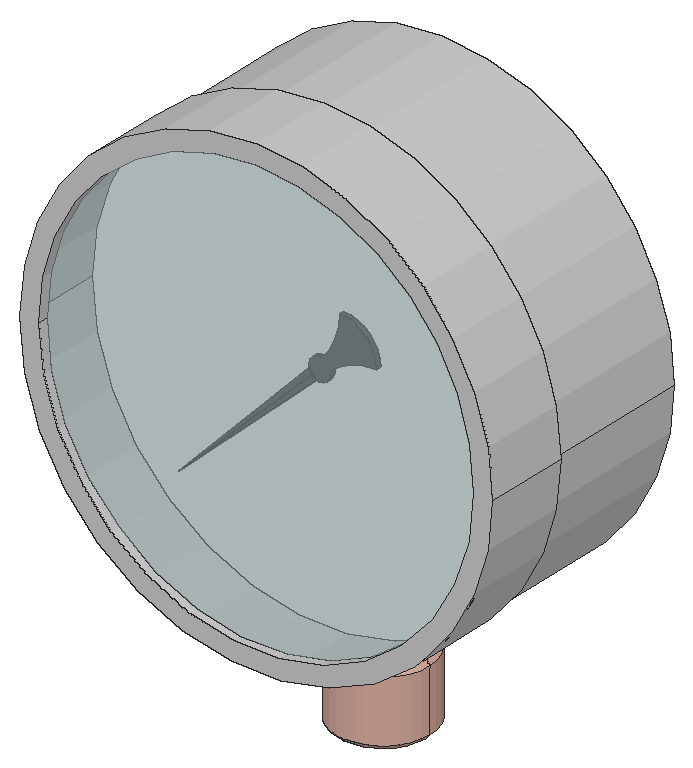
Revit family "РОСМА_МанометрСтандартногоИсполнения_М2", category Арматура трубопроводов, Revit 2018 (continued)
Definition of nested family "Корпус манометра_ТМ510-М2"
  Automatic sketch dimensions
    curve 206 to curve 206 = 1.831 mm
    curve 207 to curve 207 = 1.759 mm
    curve 207 to curve 207 = 1.831 mm
    curve 208 to curve 208 = 1.759 mm
    curve 208 to curve 208 = 1.831 mm
    curve 209 to curve 209 = 1.759 mm
    curve 209 to curve 209 = 1.831 mm
    curve 210 to curve 210 = 1.759 mm
    curve 210 to curve 210 = 1.831 mm
    curve 211 to curve 211 = 1.759 mm
    curve 211 to curve 211 = 1.831 mm
    curve 212 to curve 212 = 1.759 mm
    curve 212 to curve 212 = 1.831 mm
    curve 213 to curve 213 = 1.759 mm
    curve 213 to curve 213 = 1.831 mm
    curve 214 to curve 214 = 1.759 mm
    curve 214 to curve 214 = 1.831 mm
    curve 215 to curve 215 = 1.759 mm
    curve 215 to curve 215 = 1.831 mm
    curve 216 to curve 216 = 1.759 mm
    curve 216 to curve 216 = 1.831 mm
    curve 217 to curve 217 = 1.759 mm
    curve 217 to curve 217 = 1.831 mm
    curve 218 to curve 218 = 1.759 mm
    curve 218 to curve 218 = 1.831 mm
    curve 219 to curve 219 = 1.759 mm
    curve 219 to curve 219 = 1.831 mm
    curve 220 to curve 220 = 1.759 mm
    curve 220 to curve 220 = 1.831 mm
    curve 221 to curve 221 = 1.759 mm
    curve 221 to curve 221 = 1.831 mm
    curve 222 to curve 222 = 1.759 mm
    curve 222 to curve 222 = 1.831 mm
    curve 223 to curve 223 = 1.759 mm
    curve 223 to curve 223 = 1.831 mm
    curve 224 to curve 224 = 1.759 mm
    curve 224 to curve 224 = 1.831 mm
    curve 225 to curve 225 = 1.759 mm
    curve 225 to curve 225 = 1.831 mm
    curve 226 to curve 226 = 1.759 mm
    curve 226 to curve 226 = 1.831 mm
    curve 227 to curve 227 = 1.759 mm
    curve 227 to curve 227 = 1.831 mm
    curve 228 to curve 228 = 1.759 mm
    curve 228 to curve 228 = 1.831 mm
    curve 229 to curve 229 = 1.759 mm
    curve 229 to curve 229 = 1.831 mm
    curve 230 to curve 230 = 1.759 mm
    curve 230 to curve 230 = 1.831 mm
    curve 231 to curve 231 = 1.759 mm
    curve 231 to curve 231 = 1.831 mm
    curve 232 to curve 232 = 1.759 mm
    curve 232 to curve 232 = 1.831 mm
    curve 233 to curve 233 = 1.759 mm
    curve 233 to curve 233 = 1.831 mm
    curve 234 to curve 234 = 1.759 mm
    curve 234 to curve 234 = 1.831 mm
    curve 235 to curve 235 = 1.759 mm
    curve 235 to curve 235 = 1.831 mm
    curve 236 to curve 236 = 1.759 mm
    curve 236 to curve 236 = 1.831 mm
    curve 237 to curve 237 = 1.759 mm
    curve 237 to curve 237 = 1.831 mm
    curve 238 to curve 238 = 1.759 mm
    curve 238 to curve 238 = 1.831 mm
    curve 239 to curve 239 = 1.759 mm
    curve 239 to curve 239 = 1.831 mm
    curve 240 to curve 240 = 1.759 mm
    curve 240 to curve 240 = 1.831 mm
    curve 241 to curve 241 = 1.759 mm
    curve 241 to curve 241 = 1.831 mm
    curve 242 to curve 242 = 1.759 mm
    curve 242 to curve 242 = 1.831 mm
    curve 243 to curve 243 = 1.759 mm
    curve 243 to curve 243 = 1.831 mm
    curve 244 to curve 244 = 1.759 mm
    curve 244 to curve 244 = 1.831 mm
    curve 245 to curve 245 = 1.759 mm
    curve 245 to curve 245 = 1.831 mm
    curve 246 to curve 246 = 1.759 mm
    curve 246 to curve 246 = 1.831 mm
    curve 247 to curve 247 = 1.759 mm
    curve 247 to curve 247 = 1.831 mm
    curve 248 to curve 248 = 1.759 mm
    curve 248 to curve 248 = 1.831 mm
    curve 249 to curve 249 = 1.759 mm
    curve 249 to curve 249 = 1.831 mm
    curve 250 to curve 250 = 1.759 mm
    curve 250 to curve 250 = 1.831 mm
    curve 251 to curve 251 = 1.759 mm
    curve 251 to curve 251 = 1.831 mm
    curve 252 to curve 252 = 1.759 mm
    curve 252 to curve 252 = 1.831 mm
    curve 253 to curve 253 = 1.759 mm
    curve 253 to curve 253 = 1.831 mm
    curve 254 to curve 254 = 1.759 mm
    curve 254 to curve 254 = 1.831 mm
    curve 255 to curve 255 = 1.759 mm
    curve 255 to curve 255 = 1.831 mm
    curve 256 to curve 256 = 1.759 mm
    curve 256 to curve 256 = 1.831 mm
    curve 257 to curve 257 = 1.759 mm
    curve 257 to curve 257 = 1.831 mm
    curve 258 to curve 258 = 1.759 mm
    curve 258 to curve 258 = 1.831 mm
    curve 259 to curve 259 = 1.759 mm
    curve 259 to curve 259 = 1.831 mm
    curve 260 to curve 260 = 1.759 mm
    curve 260 to curve 260 = 1.831 mm
    curve 271 to curve 271 = 1.759 mm
    curve 271 to curve 271 = 1.831 mm
    Extrusion 5 sketch curve to level = 0 mm
    Extrusion 5 sketch curve to plane 3 "По центру (Влево/Вправо)" = 0 mm
    plane 3 "По центру (Влево/Вправо)" to Extrusion 5 sketch curve = 4.123 mm  (x2)
    plane 10 "sr" to Extrusion 5 sketch curve = 0.432 mm
    plane 11 "sl" to Extrusion 5 sketch curve = 1.202 mm
    Extrusion 5 sketch curve to level = 8.836 mm
    level to Extrusion 5 sketch curve = 4.15 mm
    level to Extrusion 5 sketch curve = 11.827 mm
    plane 3 "По центру (Влево/Вправо)" to Extrusion 5 sketch curve = 0.392 mm
    level to Extrusion 5 sketch curve = 0.444 mm
    plane 3 "По центру (Влево/Вправо)" to Extrusion 5 sketch curve = 2.33 mm
    Extrusion 6 sketch curve to plane 15 = 0 mm  (x2)
    Extrusion 6 sketch curve to plane 17 = 0 mm
    Extrusion 6 sketch curve to plane 18 = 0 mm
    Extrusion 6 sketch curve to level = 0.614 mm
    Extrusion 7 sketch curve to plane 15 = 0 mm  (x2)
    Extrusion 7 sketch curve to plane 17 = 0 mm
    plane 3 "По центру (Влево/Вправо)" to Extrusion 7 sketch curve = 0.614 mm
    curve 272 to level = 0 mm
    curve 273 to plane 11 "sl" = 16.519 mm
    curve 273 to curve 272 = 62.657 mm
    plane 10 "sr" to curve 272 = 107.621 mm
    curve 284 to curve 285 = 0 mm  (x2)
    curve 274 to curve 281 = 0.923 mm
    curve 281 to curve 277 = 0.156 mm
    curve 281 to curve 279 = 0.712 mm
    curve 280 to curve 280 = 0.862 mm
    curve 280 to curve 278 = 0.122 mm
    curve 283 to curve 277 = 0.344 mm
    curve 279 to curve 285 = 3.778 mm
    curve 278 to curve 320 = 8.548 mm
    curve 315 to curve 317 = 0.038 mm
    curve 320 to curve 319 = 0.038 mm
    curve 317 to curve 327 = 0.209 mm
    curve 327 to curve 315 = 0.253 mm
    curve 284 to curve 287 = 5.053 mm
    curve 287 to curve 286 = 0.042 mm
    curve 315 to curve 314 = 0.052 mm
    curve 314 to curve 326 = 0.492 mm
    curve 286 to curve 289 = 1.015 mm
    curve 286 to curve 288 = 1.024 mm
    curve 314 to curve 316 = 1.493 mm
    curve 286 to curve 288 = 0.63 mm
    curve 286 to curve 289 = 0.639 mm
    curve 315 to curve 319 = 2.912 mm
    curve 288 to curve 291 = 0.797 mm
    curve 318 to curve 324 = 0.733 mm
    curve 318 to curve 323 = 0.784 mm
    curve 314 to curve 316 = 1.731 mm
    curve 324 to curve 322 = 0.354 mm
    curve 290 to curve 301 = 1.048 mm
    curve 322 to curve 321 = 0.056 mm
    curve 290 to curve 292 = 1.122 mm
    curve 321 to curve 326 = 0.29 mm
    curve 324 to curve 325 = 0.756 mm
    curve 301 to curve 299 = 0.925 mm
    curve 326 to curve 330 = 0.632 mm
    curve 322 to curve 323 = 0.588 mm
    curve 300 to curve 293 = 1.349 mm
    curve 299 to curve 298 = 0.888 mm
    curve 315 to curve 328 = 2.179 mm
    curve 291 to curve 294 = 2.608 mm
    curve 292 to curve 298 = 1.405 mm
    curve 328 to curve 330 = 1.247 mm
    curve 293 to curve 295 = 1.043 mm
    curve 295 to curve 310 = 0.488 mm
    curve 303 to curve 310 = 0.987 mm
    curve 294 to curve 304 = 1.69 mm
    curve 309 to curve 309 = 0.351 mm
    curve 308 to curve 311 = 0.099 mm
    curve 303 to curve 313 = 0.754 mm
    curve 311 to curve 312 = 0.964 mm
    curve 311 to curve 307 = 0.132 mm
    curve 312 to curve 304 = 0.697 mm
    curve 307 to curve 307 = 0.351 mm
    curve 306 to curve 306 = 0.972 mm
    curve 290 to curve 303 = 0 mm
    curve 295 to curve 303 = 0 mm
    curve 307 to curve 309 = 0 mm
    curve 290 to curve 275 = 0.016 mm
    curve 296 to curve 298 = 0.566 mm
    curve 290 to curve 289 = 0.725 mm
    curve 309 to curve 309 = 1.144 mm
    curve 275 to curve 276 = 1.29 mm
    curve 287 to curve 289 = 0.582 mm
    curve 299 to curve 293 = 1.388 mm
    curve 292 to curve 298 = 0.116 mm
    curve 292 to curve 301 = 0.151 mm
    curve 276 to curve 282 = 0.863 mm
    curve 279 to curve 285 = 0.863 mm
    curve 307 to curve 312 = 1.029 mm
    curve 289 to curve 286 = 0.923 mm
    curve 286 to curve 287 = 0.019 mm
    curve 282 to curve 279 = 0.7 mm
    curve 279 to curve 283 = 0.079 mm
    curve 311 to curve 312 = 1.448 mm
    curve 312 to curve 304 = 0.867 mm
    curve 303 to curve 295 = 0.081 mm
    curve 288 to curve 292 = 0.797 mm
    curve 293 to curve 328 = 2.724 mm
    curve 328 to curve 316 = 0.888 mm
    curve 328 to curve 329 = 2.075 mm
    curve 316 to curve 316 = 1.57 mm
    curve 329 to curve 330 = 2.225 mm
    curve 314 to curve 315 = 3.112 mm
    curve 315 to curve 314 = 0.021 mm
    curve 315 to curve 328 = 0.138 mm
    curve 322 to curve 322 = 1.253 mm
    curve 322 to curve 321 = 0.011 mm
    curve 318 to curve 314 = 1.222 mm
    curve 325 to curve 324 = 0.014 mm
    curve 322 to curve 324 = 1.182 mm
    curve 318 to curve 323 = 1.127 mm
    curve 320 to curve 319 = 1.363 mm
    radius of curve 11 = 2.25 mm
    radius of curve 12 = 1.301 mm
    radius of curve 68 = 2.25 mm
    radius of curve 69 = 1.301 mm
    radius of curve 125 = 2.25 mm
    radius of curve 126 = 1.301 mm
    radius of curve 284 = 2.25 mm
    radius of curve 285 = 1.301 mm
Definition of nested family "DAA_УГО_МанометрПоказывающий_ГОСТ21.208-2013"
  Parameters (values of type "DAA_УГО_МанометрПоказывающий_ГОСТ21.208-2013")
    Центр2 = 0.5 * Масштаб_УГО  # 25 mm
    Центр = 0.9 * Масштаб_УГО  # 45 mm
    Масштаб_УГО = 50 mm
    Высота_выноски_на_виде_мм = 2
    rr = 0.8 * Масштаб_УГО  # 40 mm
    r = 2.5 * Масштаб_УГО  # 125 mm
    lr2 = 1.4 * Масштаб_УГО  # 70 mm
    lr1 = 0.8 * Масштаб_УГО  # 40 mm
    ll2 = 1.4 * Масштаб_УГО  # 70 mm
    ll1 = 0.8 * Масштаб_УГО  # 40 mm
    h5 = 3.8 * Масштаб_УГО  # 190 mm
    h4 = 4.2 * Масштаб_УГО  # 210 mm
    h3 = 3.4 * Масштаб_УГО  # 170 mm
    h2 = 2.6 * Масштаб_УГО  # 130 mm
    h1 = Высота_выноски_на_виде_мм * Масштаб_УГО  # 100 mm
  Reference planes
    plane 1 "По центру (Вперед/Назад)": y = 0
    plane 2: z = 0
    plane 3 "По центру (Влево/Вправо)": x = 0
    plane 4: z = 100
    plane 5: z = 225
    plane 6: x = -25
    plane 7: x = 45
    plane 8: z = 230
    plane 9: z = 270
    plane 10: z = 310
    plane 11: x = -70
    plane 12: x = -40
    plane 13: z = 290
    plane 14: x = 40
    plane 15: x = 70
  Lines and regions (mm)
    reference lines
      curve 1: circle (0, 0, 225) r 125 normal (0, -1, 0)
      curve 2: arc (-25, 0, 310) -> (-5, 0, 290) -> (-25, 0, 270) r 20
      curve 3: circle (45, 0, 270) r 40 normal (0, -1, 0)
    model lines
      curve 4: line (-70, 0, 230) -> (-70, 0, 310)
      curve 5: line (-25, 0, 270) -> (-70, 0, 270)
      curve 6: arc (70, 0, 301.225) -> (5, 0, 270) -> (70, 0, 238.775) r 40
      curve 7: line (70, 0, 270) -> (70, 0, 238.775)
      curve 8: line (70, 0, 270) -> (40, 0, 270)
      curve 9: line (-70, 0, 310) -> (-25, 0, 310)
      curve 10: arc (-25, 0, 310) -> (-5, 0, 290) -> (-25, 0, 270) r 20
      curve 11: circle (0, 0, 225) r 125 normal (0, -1, 0)
      curve 12: line (0, 0, 100) -> (0, 0, 0)
  Dimensions and locks
    "h1": plane 4 to level
    "r": plane 5 to plane 4
    "h2": plane 8 to plane 4
    "h3": plane 9 to plane 4
    "h4": plane 10 to plane 4
    "lr1": plane 14 to plane 3 "По центру (Влево/Вправо)"
    "lr2": plane 15 to plane 3 "По центру (Влево/Вправо)"
    "ll1": plane 3 "По центру (Влево/Вправо)" to plane 12
    "ll2": plane 3 "По центру (Влево/Вправо)" to plane 11
    "h5": plane 13 to plane 4
    "Центр": plane 7 to plane 3 "По центру (Влево/Вправо)"
    "Центр2": plane 3 "По центру (Влево/Вправо)" to plane 6
    "r": radius of curve 1
    "rr": radius of curve 3
    aligned and locked: level to plane 2
    aligned and locked: plane 11 to curve 4
    aligned and locked: curve 6 to curve 3
    aligned and locked: curve 7 to plane 15
    aligned and locked: curve 8 to plane 9
    aligned and locked: curve 9 to plane 10
    aligned and locked: curve 10 to curve 2
    aligned and locked: curve 11 to curve 1
    aligned and locked: curve 12 to plane 3 "По центру (Влево/Вправо)"
  Automatic sketch dimensions
    curve 8 to plane 14 = 0 mm
    curve 6 to plane 15 = 0 mm
    curve 12 to level = 0 mm
    curve 4 to plane 8 = 0 mm
    curve 2 to plane 6 = 0 mm
    curve 1 to plane 3 "По центру (Влево/Вправо)" = 0 mm
    curve 3 to plane 7 = 0 mm
    curve 1 to plane 5 = 0 mm
    curve 3 to plane 9 = 0 mm
    curve 2 to plane 9 = 0 mm
    curve 2 to plane 13 = 0 mm
